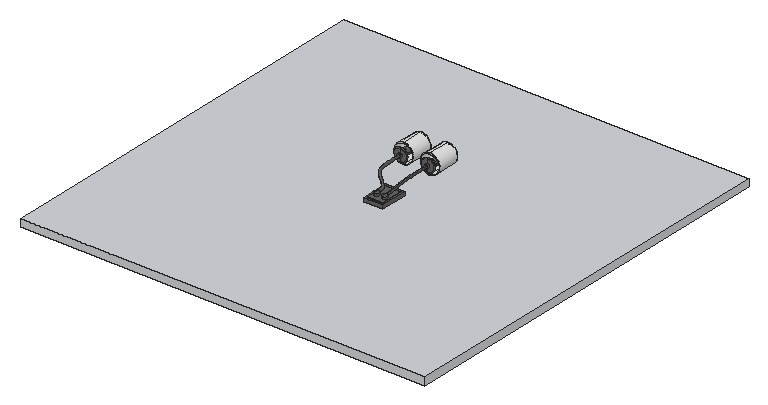
Revit family "P710019-031", category Lighting Fixtures, host Face, Revit 2014
Parameters (values of type "P710019-031")
  Wood = Wood Planks
  Watts = 40 W
  Wattage Comments = "40W"
  Warranty = "5 years Warranty"  # constant formula
  Voltage = 120 V
  URL = "https://www.hubbell.com/progresslighting/en"
  Product Link = "https://www.hubbell.com/progresslighting/en/Products/Lighting-Controls/Residential-Indoor-Lighting/Sconces-Wall-Brackets/Bonita-Collection-Black-Two-Light-Wall-Sconce/p/3980828"
  Product Documentation Link = "https://hubbellcdn.com/specsheet/PROG_P710019-031_spec.pdf"
  Power Factor = 1
  Model = "P710019-031"  # constant formula
  Manufacturer = "Progress Lighting"  # constant formula
  Load Classification = Lighting
  Gold = Hubbell - Gold
  Glass = Paint - Hubbell - White Texture
  Diameter = 4.50"
  Lamp = "LED or Incandescent"  # constant formula
  Housing Material = Paint - Hubbell - Textured Camera Black
  Fabric = Paint - Hubbell - White Texture
  Fixture distribution = "Direct"  # constant formula
  Features = "Inspired at its roots by an understated beauty and a breathtaking formal elegance, this wall sconce will make a stunning addition to any luxurious living space.\r\nA black arm flows down from an ornamental light base to a rectangular backplate.\r\nOn top of the light base sits a summer linen shade.\r\nIdeal for any bedroom, living room, sitting room, hallway, or foyer.\r\nPerfect for transitional, modern, farmhouse, contemporary, or luxury settings.\r\nMeasures 4-1/2-inch width by 17.13-inch height.\r\nUses one candelabra base bulb that is sold separately (40w max - LED or incandescent).\r\nAble to be fully dimmable with dimmable bulbs.\r\nIncludes installation instructions and mounting hardware.\r\nProgress Lighting products are designed for exceptional quality, reliability, and functionality."  # constant formula
  Height = 6.50"
  Description = "Inspired at its roots by an understated beauty and a breathtaking formal elegance, this wall sconce will make a stunning addition to any luxurious living\r\nspace. Black arms flow down from ornamental light bases to a rectangular\r\nbackplate. On top of the light bases sit summer linen shades."  # constant formula
  Default Elevation = 48.00"
  Copyright = " ©2020 Progress Lighting, a division of Hubbell Lighting, Inc"  # constant formula
  Contact = "https://www.hubbell.com/progresslighting/en/contactUs"
  Connector Description = "Lighting Connector"  # constant formula
  Assembly Code = "D5020200"
  Apparent Load = Watts / Power Factor  # 40 VA
Reference planes (in)
  plane 1 "Center (Front/Back)": y = 0
  plane 2: z = 0.5561
  plane 3 "Center (Left/Right)": x = 0
  plane 4: x = -2.25
  plane 5: x = 2.25
  plane 6: z = 7.0561
  plane 7: y = 3.25
  plane 8: y = -3.25
  plane 9: z = 14.5561
  plane 10: z = 6.4936
Forms (in)
  Extrusion 1, solid
    sketch origin (0, 0, 0) x (1, 0, 0) y (0, 1, 0)
      loop
        line (-48, 48) -> (-48, -48) -> (48, -48) -> (48, 48) -> (-48, 48)
    from 0.5561 to -1.25
  Extrusion 2, solid, material "Paint - Hubbell - Textured Camera Black" <- "Housing Material"
    sketch origin (0, 0, 0) x (1, 0, 0) y (0, 1, 0)
      loop
        line (-2.25, -3.25) -> (2.25, -3.25) -> (2.25, 3.25) -> (-2.25, 3.25) -> (-2.25, -3.25)
    from 0.5561 to 1.4046
  Extrusion 3, solid, material "Paint - Hubbell - Textured Camera Black" <- "Housing Material"
    sketch origin (0, 0, 0) x (1, 0, 0) y (0, 1, 0)
      loop
        line (-1.75, 2.75) -> (-1.75, -2.75) -> (1.75, -2.75) -> (1.75, 2.75) -> (-1.75, 2.75)
    from 1.4046 to 1.49371
  Sweep 4, solid, material "Paint - Hubbell - Textured Camera Black" <- "Housing Material"
    path origin (-0.22437, 0, 0.5396) x (0, 1, 0) y (0.62932, 0, 0.777146)
      loop
        spline (-0.65721, 1.92948) -> (0.61835, 1.94736) -> (1.19277, 2.40298) -> (1.49103, 3.28862) -> (1.66836, 4.06534) -> (1.89192, 4.58906) -> (2.33449, 4.96424) -> (3.02986, 5.22905) -> (3.93037, 5.38279) -> (4.9503, 5.44577) -> (5.96848, 5.459) -> (7.00421, 5.45176) -> (8.4166, 5.42327)
    profile origin (2.89973, 2.33449, 4.39754) x (0.550149, -0.485575, 0.679377) y (0.777146, 0, -0.62932)
      loop
        circle (0, 0) r 0.2
  Revolve 5, solid, material "Paint - Hubbell - Textured Camera Black" <- "Housing Material"
    sketch origin (3.34776, 3.5925, 4.79239) x (1, 0, 0) y (0, 1, 0)
      loop
        line (0, 6.43773) -> (0.75333, 6.43773) -> (0.75333, 7.43773) -> (0, 7.43773) -> (0, 6.43773)
      axis (0, 7.43773) -> (0, 6.43773)
    angle from 0 to 360
  Revolve 6, solid, material "Paint - Hubbell - White Texture"
    sketch origin (3.34776, 3.5925, 4.79239) x (1, 0, 0) y (0, 1, 0)
      loop
        line (0, 7.43773) -> (0.52673, 7.43773) -> (1.09627, 10.36772)
        spline (1.09627, 10.36772) -> (1.08305, 10.51086) -> (1.04864, 10.61496) -> (1.00091, 10.69145) -> (0.9472, 10.75115) -> (0.88934, 10.79851) -> (0.82586, 10.83419) -> (0.75527, 10.8588) -> (0.67446, 10.87324) -> (0.57224, 10.87977) -> (0.4349, 10.8811) -> (0.24873, 10.87991) -> (0, 10.87892)
        line (0, 10.87892) -> (0, 7.43773)
      axis (0, 10.87892) -> (0, 7.43773)
    angle from 0 to 360
  Revolve 7, solid, material "Paint - Hubbell - White Texture" <- "Glass"
    sketch origin (3.34776, 3.5925, 4.79239) x (1, 0, 0) y (0, 1, 0)
      loop
        line (0, 7.43773) -> (0, 10.56087) -> (0, 10.66244) -> (-0.11058, 10.66244)
        arc (-0.11058, 10.66244) -> (-0.13207, 10.62395) -> (-0.10174, 10.59197) r 0.0372
        arc (-0.10174, 10.59197) -> (-0.07712, 10.57767) -> (-0.0674, 10.55091) r 0.04171
        line (-0.0674, 10.55091) -> (-0.0674, 10.36451) -> (-0.0674, 8.11451) -> (-0.3174, 8.11451) -> (-0.3174, 7.86451) -> (-0.14062, 7.68773) -> (-0.14062, 7.43773) -> (0, 7.43773)
      axis (0, 7.43773) -> (0, 10.66244)
    angle from 0 to 360
  Revolve 8, solid, material "Hubbell - Gold" <- "Gold"
    sketch origin (3.47276, 3.5925, 4.79239) x (1, 0, 0) y (0, 1, 0)
      loop
        line (-0.47346, 8.28115) -> (-0.61841, 10.35395) -> (-0.66329, 10.35395) -> (-0.51834, 8.28115) -> (-0.47346, 8.28115)
      axis (-0.61862, 10.35707) -> (-0.47346, 8.28115)
    angle from 0 to 360
  Revolve 9, solid, material "Hubbell - Gold" <- "Gold"
    sketch origin (3.34776, 3.5925, 4.79239) x (-1, 0, 0) y (0, -1, 0)
      loop
        line (-0.47346, -8.28115) -> (-0.51834, -8.28115) -> (-0.66723, -10.41041) -> (-0.62235, -10.41041) -> (-0.47346, -8.28115)
      axis (-0.62257, -10.41353) -> (-0.47346, -8.28115)
    angle from 0 to 360
  Revolve 10, solid, material "Hubbell - Gold" <- "Gold"
    sketch origin (3.34776, 3.5925, 4.79239) x (0, 0, -1) y (0, 1, 0)
      loop
        line (-0.47346, 8.28115) -> (-0.62034, 10.38161) -> (-0.66522, 10.38161) -> (-0.51834, 8.28115) -> (-0.47346, 8.28115)
      axis (-0.62056, 10.38473) -> (-0.47346, 8.28115)
    angle from 0 to 360
  Revolve 11, solid, material "Hubbell - Gold" <- "Gold"
    sketch origin (3.34776, 3.5925, 4.79239) x (0, 0, 1) y (0, -1, 0)
      loop
        line (-0.47346, -8.28115) -> (-0.51834, -8.28115) -> (-0.66605, -10.39346) -> (-0.62117, -10.39346) -> (-0.47346, -8.28115)
      axis (-0.62139, -10.39659) -> (-0.47346, -8.28115)
    angle from 0 to 360
  Sweep 12, solid, material "Paint - Hubbell - White Texture" <- "Glass"
    path origin (3.36433, 3.0925, 4.79239) x (1, 0, 0) y (0, 1, 0)
      loop
        line (0.61067, 10.88516) -> (0.61067, 10.98257)
        arc (0.61067, 10.98257) -> (0.57513, 11.06837) -> (0.48933, 11.10391) r 0.12134
        line (0.48933, 11.10391) -> (0.04812, 11.10391)
    profile origin (3.975, 14.02637, 4.79239) x (-1, 0, 0) y (0, 0, 1)
      loop
        circle (0, 0.00095) r 0.031
  Sweep 13, solid, material "Paint - Hubbell - White Texture" <- "Glass"
    path origin (3.33119, 3.0925, 4.79239) x (-1, 0, 0) y (0, -1, 0)
      loop
        line (0.61067, -10.88516) -> (0.61067, -10.98257)
        arc (0.61067, -10.98257) -> (0.57513, -11.06837) -> (0.48933, -11.10391) r 0.12134
        line (0.48933, -11.10391) -> (0.04812, -11.10391)
    profile origin (2.72052, 14.02637, 4.79239) x (-1, 0, 0) y (0, 0, 1)
      loop
        circle (0, 0.00095) r 0.031
  Sweep 14, solid, material "Paint - Hubbell - White Texture" <- "Glass"
    path origin (3.34871, 3.0925, 4.80991) x (0, 0, 1) y (0, 1, 0)
      loop
        line (0.61067, 10.88516) -> (0.61067, 10.98257)
        arc (0.61067, 10.98257) -> (0.57513, 11.06837) -> (0.48933, 11.10391) r 0.12134
        line (0.48933, 11.10391) -> (0.04812, 11.10391)
    profile origin (3.34871, 14.02637, 5.42058) x (0, 0, -1) y (-1, 0, 0)
      loop
        circle (0, 0.00095) r 0.031
  Sweep 15, solid, material "Paint - Hubbell - White Texture" <- "Glass"
    path origin (3.34871, 3.0925, 4.77677) x (0, 0, -1) y (0, -1, 0)
      loop
        line (0.61067, -10.88516) -> (0.61067, -10.98257)
        arc (0.61067, -10.98257) -> (0.57513, -11.06837) -> (0.48933, -11.10391) r 0.12134
        line (0.48933, -11.10391) -> (0.04812, -11.10391)
    profile origin (3.34871, 14.02637, 4.16609) x (0, 0, -1) y (-1, 0, 0)
      loop
        circle (0, 0.00095) r 0.031
  Sweep 16, solid, material "Paint - Hubbell - White Texture" <- "Glass"
    path origin (3.36433, 22.82676, 4.79239) x (1, 0, 0) y (0, 1, 0)
      loop
        line (0.45442, -10.88516) -> (0.45442, -10.98257)
        arc (0.45442, -10.98257) -> (0.41888, -11.06837) -> (0.33308, -11.10391) r 0.12134
        line (0.33308, -11.10391) -> (0.04812, -11.10391)
    profile origin (3.81875, 11.89289, 4.79239) x (1, 0, 0) y (0, 0, 1)
      loop
        circle (0, 0.00095) r 0.031
  Sweep 17, solid, material "Paint - Hubbell - White Texture" <- "Glass"
    path origin (3.33119, 22.82676, 4.79239) x (-1, 0, 0) y (0, -1, 0)
      loop
        line (0.45442, 10.88516) -> (0.45442, 10.98257)
        arc (0.45442, 10.98257) -> (0.41888, 11.06837) -> (0.33308, 11.10391) r 0.12134
        line (0.33308, 11.10391) -> (0.04812, 11.10391)
    profile origin (2.87677, 11.89289, 4.79239) x (1, 0, 0) y (0, 0, 1)
      loop
        circle (0, 0.00095) r 0.031
  Sweep 18, solid, material "Paint - Hubbell - White Texture" <- "Glass"
    path origin (3.34871, 22.82676, 4.80991) x (0, 0, 1) y (0, 1, 0)
      loop
        line (0.45442, -10.88516) -> (0.45442, -10.98257)
        arc (0.45442, -10.98257) -> (0.41888, -11.06837) -> (0.33308, -11.10391) r 0.12134
        line (0.33308, -11.10391) -> (0.04812, -11.10391)
    profile origin (3.34871, 11.89289, 5.26433) x (0, 0, 1) y (-1, 0, 0)
      loop
        circle (0, 0.00095) r 0.031
  Sweep 19, solid, material "Paint - Hubbell - White Texture" <- "Glass"
    path origin (3.34871, 22.82676, 4.77677) x (0, 0, -1) y (0, -1, 0)
      loop
        line (0.45442, 10.88516) -> (0.45442, 10.98257)
        arc (0.45442, 10.98257) -> (0.41888, 11.06837) -> (0.33308, 11.10391) r 0.12134
        line (0.33308, 11.10391) -> (0.04812, 11.10391)
    profile origin (3.34871, 11.89289, 4.32234) x (0, 0, 1) y (-1, 0, 0)
      loop
        circle (0, 0.00095) r 0.031
  Revolve 20, solid, material "Paint - Hubbell - Textured Camera Black" <- "Housing Material"
    sketch origin (3.24896, -1.5, -1.1875) x (0, 1, 0) y (0, 0, 1)
      loop
        line (10.53023, 6.22989) -> (10.53023, 7.47989)
        arc (10.53023, 7.47989) -> (10.45604, 7.55408) -> (10.38185, 7.47989) r 0.07419
        arc (10.38185, 7.47989) -> (10.33246, 6.84723) -> (10.18549, 6.22989) r 4.07689
        line (10.18549, 6.22989) -> (10.15051, 6.22989) -> (10.15051, 6.41151) -> (9.9166, 6.41151) -> (9.9166, 5.97989) -> (11.53023, 5.97989) -> (11.53023, 6.22989) -> (10.53023, 6.22989)
      axis (9.9166, 5.97989) -> (11.53023, 5.97989)
    angle from 0 to 360
  Revolve 21, solid, material "Paint - Hubbell - White Texture" <- "Fabric"
    sketch origin (3.15625, -1.875, -1.15625) x (0, 1, 0) y (0, 0, 1)
      loop
        arc (11.53023, 8.22989) -> (11.51473, 8.21439) -> (11.53023, 8.19889) r 0.0155
        line (11.53023, 8.19889) -> (16.71773, 8.19889)
        arc (16.71773, 8.19889) -> (16.73323, 8.21439) -> (16.71773, 8.22989) r 0.0155
        line (16.71773, 8.22989) -> (11.53023, 8.22989)
      axis (11.53023, 5.97989) -> (16.71773, 5.97989)
    angle from 0 to 360
  Revolve 22, solid, material "Paint - Hubbell - Textured Camera Black" <- "Housing Material"
    sketch origin (0.95057, -1.0625, 0) x (0, 1, 0) y (0, 0, 1)
      loop
        line (0, 2.24371) -> (-0.33965, 2.24371)
        arc (-0.33965, 2.24371) -> (-0.45304, 2.19675) -> (-0.5, 2.08336) r 0.16035
        line (-0.5, 2.08336) -> (-0.5, 1.49371) -> (0, 1.49371) -> (0, 2.24371)
      axis (0, 2.24371) -> (0, 1.49371)
    angle from 0 to 360
  Sweep 23, solid, material "Paint - Hubbell - Textured Camera Black" <- "Housing Material"
    path origin (0.22437, 0, 0.5396) x (0, 1, 0) y (0.62932, 0, -0.777146)
      loop
        spline (-0.65721, -1.92948) -> (0.61835, -1.94736) -> (1.19277, -2.40298) -> (1.49103, -3.28862) -> (1.66836, -4.06534) -> (1.89192, -4.58906) -> (2.33449, -4.96424) -> (3.02986, -5.22905) -> (3.93037, -5.38279) -> (4.9503, -5.44577) -> (5.96848, -5.459) -> (7.00421, -5.45176) -> (8.4166, -5.42327)
    profile origin (-2.89973, 2.33449, 4.39754) x (0.550149, 0.485575, -0.679377) y (-0.777146, 0, -0.62932)
      loop
        circle (0, 0) r 0.2
  Revolve 24, solid, material "Paint - Hubbell - Textured Camera Black" <- "Housing Material"
    sketch origin (-3.34776, 3.5925, 4.79239) x (-1, 0, 0) y (0, -1, 0)
      loop
        line (0, -6.43773) -> (0, -7.43773) -> (0.75333, -7.43773) -> (0.75333, -6.43773) -> (0, -6.43773)
      axis (0, -7.43773) -> (0, -6.43773)
    angle from 0 to 360
  Revolve 25, solid, material "Paint - Hubbell - White Texture"
    sketch origin (-3.34776, 3.5925, 4.79239) x (-1, 0, 0) y (0, -1, 0)
      loop
        line (0, -7.43773) -> (0, -10.87892)
        spline (0, -10.87892) -> (0.24873, -10.87991) -> (0.4349, -10.8811) -> (0.57224, -10.87977) -> (0.67446, -10.87324) -> (0.75527, -10.8588) -> (0.82586, -10.83419) -> (0.88934, -10.79851) -> (0.9472, -10.75115) -> (1.00091, -10.69145) -> (1.04864, -10.61496) -> (1.08305, -10.51086) -> (1.09627, -10.36772)
        line (1.09627, -10.36772) -> (0.52673, -7.43773) -> (0, -7.43773)
      axis (0, -10.87892) -> (0, -7.43773)
    angle from 0 to 360
  Revolve 26, solid, material "Paint - Hubbell - White Texture" <- "Glass"
    sketch origin (-3.34776, 3.5925, 4.79239) x (-1, 0, 0) y (0, -1, 0)
      loop
        line (0, -7.43773) -> (-0.14062, -7.43773) -> (-0.14062, -7.68773) -> (-0.3174, -7.86451) -> (-0.3174, -8.11451) -> (-0.0674, -8.11451) -> (-0.0674, -10.36451) -> (-0.0674, -10.55091)
        arc (-0.0674, -10.55091) -> (-0.07712, -10.57767) -> (-0.10174, -10.59197) r 0.04171
        arc (-0.10174, -10.59197) -> (-0.13207, -10.62395) -> (-0.11058, -10.66244) r 0.0372
        line (-0.11058, -10.66244) -> (0, -10.66244) -> (0, -10.56087) -> (0, -7.43773)
      axis (0, -7.43773) -> (0, -10.66244)
    angle from 0 to 360
  Revolve 27, solid, material "Hubbell - Gold" <- "Gold"
    sketch origin (-3.47276, 3.5925, 4.79239) x (-1, 0, 0) y (0, -1, 0)
      loop
        line (-0.47346, -8.28115) -> (-0.51834, -8.28115) -> (-0.66329, -10.35395) -> (-0.61841, -10.35395) -> (-0.47346, -8.28115)
      axis (-0.61862, -10.35707) -> (-0.47346, -8.28115)
    angle from 0 to 360
  Revolve 28, solid, material "Hubbell - Gold" <- "Gold"
    sketch origin (-3.34776, 3.5925, 4.79239) x (1, 0, 0) y (0, 1, 0)
      loop
        line (-0.47346, 8.28115) -> (-0.62235, 10.41041) -> (-0.66723, 10.41041) -> (-0.51834, 8.28115) -> (-0.47346, 8.28115)
      axis (-0.62257, 10.41353) -> (-0.47346, 8.28115)
    angle from 0 to 360
  Revolve 29, solid, material "Hubbell - Gold" <- "Gold"
    sketch origin (-3.34776, 3.5925, 4.79239) x (0, 0, -1) y (0, -1, 0)
      loop
        line (-0.47346, -8.28115) -> (-0.51834, -8.28115) -> (-0.66522, -10.38161) -> (-0.62034, -10.38161) -> (-0.47346, -8.28115)
      axis (-0.62056, -10.38473) -> (-0.47346, -8.28115)
    angle from 0 to 360
  Revolve 30, solid, material "Hubbell - Gold" <- "Gold"
    sketch origin (-3.34776, 3.5925, 4.79239) x (0, 0, 1) y (0, 1, 0)
      loop
        line (-0.47346, 8.28115) -> (-0.62117, 10.39346) -> (-0.66605, 10.39346) -> (-0.51834, 8.28115) -> (-0.47346, 8.28115)
      axis (-0.62139, 10.39659) -> (-0.47346, 8.28115)
    angle from 0 to 360
  Sweep 31, solid, material "Paint - Hubbell - White Texture" <- "Glass"
    path origin (-3.36433, 3.0925, 4.79239) x (-1, 0, 0) y (0, -1, 0)
      loop
        line (0.61067, -10.88516) -> (0.61067, -10.98257)
        arc (0.61067, -10.98257) -> (0.57513, -11.06837) -> (0.48933, -11.10391) r 0.12134
        line (0.48933, -11.10391) -> (0.04812, -11.10391)
    profile origin (-3.975, 14.02637, 4.79239) x (-1, 0, 0) y (0, 0, 1)
      loop
        circle (0, 0.00095) r 0.031
  Sweep 32, solid, material "Paint - Hubbell - White Texture" <- "Glass"
    path origin (-3.33119, 3.0925, 4.79239) x (1, 0, 0) y (0, 1, 0)
      loop
        line (0.61067, 10.88516) -> (0.61067, 10.98257)
        arc (0.61067, 10.98257) -> (0.57513, 11.06837) -> (0.48933, 11.10391) r 0.12134
        line (0.48933, 11.10391) -> (0.04812, 11.10391)
    profile origin (-2.72052, 14.02637, 4.79239) x (-1, 0, 0) y (0, 0, 1)
      loop
        circle (0, 0.00095) r 0.031
  Sweep 33, solid, material "Paint - Hubbell - White Texture" <- "Glass"
    path origin (-3.34871, 3.0925, 4.80991) x (0, 0, 1) y (0, -1, 0)
      loop
        line (0.61067, -10.88516) -> (0.61067, -10.98257)
        arc (0.61067, -10.98257) -> (0.57513, -11.06837) -> (0.48933, -11.10391) r 0.12134
        line (0.48933, -11.10391) -> (0.04812, -11.10391)
    profile origin (-3.34871, 14.02637, 5.42058) x (0, 0, 1) y (1, 0, 0)
      loop
        circle (0, 0.00095) r 0.031
  Sweep 34, solid, material "Paint - Hubbell - White Texture" <- "Glass"
    path origin (-3.34871, 3.0925, 4.77677) x (0, 0, -1) y (0, 1, 0)
      loop
        line (0.61067, 10.88516) -> (0.61067, 10.98257)
        arc (0.61067, 10.98257) -> (0.57513, 11.06837) -> (0.48933, 11.10391) r 0.12134
        line (0.48933, 11.10391) -> (0.04812, 11.10391)
    profile origin (-3.34871, 14.02637, 4.16609) x (0, 0, 1) y (1, 0, 0)
      loop
        circle (0, 0.00095) r 0.031
  Sweep 35, solid, material "Paint - Hubbell - White Texture" <- "Glass"
    path origin (-3.36433, 22.82676, 4.79239) x (-1, 0, 0) y (0, -1, 0)
      loop
        line (0.45442, 10.88516) -> (0.45442, 10.98257)
        arc (0.45442, 10.98257) -> (0.41888, 11.06837) -> (0.33308, 11.10391) r 0.12134
        line (0.33308, 11.10391) -> (0.04812, 11.10391)
    profile origin (-3.81875, 11.89289, 4.79239) x (1, 0, 0) y (0, 0, 1)
      loop
        circle (0, 0.00095) r 0.031
  Sweep 36, solid, material "Paint - Hubbell - White Texture" <- "Glass"
    path origin (-3.33119, 22.82676, 4.79239) x (1, 0, 0) y (0, 1, 0)
      loop
        line (0.45442, -10.88516) -> (0.45442, -10.98257)
        arc (0.45442, -10.98257) -> (0.41888, -11.06837) -> (0.33308, -11.10391) r 0.12134
        line (0.33308, -11.10391) -> (0.04812, -11.10391)
    profile origin (-2.87677, 11.89289, 4.79239) x (1, 0, 0) y (0, 0, 1)
      loop
        circle (0, 0.00095) r 0.031
  Sweep 37, solid, material "Paint - Hubbell - White Texture" <- "Glass"
    path origin (-3.34871, 22.82676, 4.80991) x (0, 0, 1) y (0, -1, 0)
      loop
        line (0.45442, 10.88516) -> (0.45442, 10.98257)
        arc (0.45442, 10.98257) -> (0.41888, 11.06837) -> (0.33308, 11.10391) r 0.12134
        line (0.33308, 11.10391) -> (0.04812, 11.10391)
    profile origin (-3.34871, 11.89289, 5.26433) x (0, 0, -1) y (1, 0, 0)
      loop
        circle (0, 0.00095) r 0.031
  Sweep 38, solid, material "Paint - Hubbell - White Texture" <- "Glass"
    path origin (-3.34871, 22.82676, 4.77677) x (0, 0, -1) y (0, 1, 0)
      loop
        line (0.45442, -10.88516) -> (0.45442, -10.98257)
        arc (0.45442, -10.98257) -> (0.41888, -11.06837) -> (0.33308, -11.10391) r 0.12134
        line (0.33308, -11.10391) -> (0.04812, -11.10391)
    profile origin (-3.34871, 11.89289, 4.32234) x (0, 0, -1) y (1, 0, 0)
      loop
        circle (0, 0.00095) r 0.031
  Revolve 39, solid, material "Paint - Hubbell - Textured Camera Black" <- "Housing Material"
    sketch origin (-3.24896, -1.5, -1.1875) x (0, 1, 0) y (0, 0, -1)
      loop
        line (10.53023, -6.22989) -> (11.53023, -6.22989) -> (11.53023, -5.97989) -> (9.9166, -5.97989) -> (9.9166, -6.41151) -> (10.15051, -6.41151) -> (10.15051, -6.22989) -> (10.18549, -6.22989)
        arc (10.18549, -6.22989) -> (10.33246, -6.84723) -> (10.38185, -7.47989) r 4.07689
        arc (10.38185, -7.47989) -> (10.45604, -7.55408) -> (10.53023, -7.47989) r 0.07419
        line (10.53023, -7.47989) -> (10.53023, -6.22989)
      axis (9.9166, -5.97989) -> (11.53023, -5.97989)
    angle from 0 to 360
  Revolve 40, solid, material "Paint - Hubbell - White Texture" <- "Fabric"
    sketch origin (-3.15625, -1.875, -1.15625) x (0, 1, 0) y (0, 0, -1)
      loop
        line (11.53023, -8.22989) -> (16.71773, -8.22989)
        arc (16.71773, -8.22989) -> (16.73323, -8.21439) -> (16.71773, -8.19889) r 0.0155
        line (16.71773, -8.19889) -> (11.53023, -8.19889)
        arc (11.53023, -8.19889) -> (11.51473, -8.21439) -> (11.53023, -8.22989) r 0.0155
      axis (11.53023, -5.97989) -> (16.71773, -5.97989)
    angle from 0 to 360
  Revolve 41, solid, material "Paint - Hubbell - Textured Camera Black" <- "Housing Material"
    sketch origin (-0.95057, -1.0625, 0) x (0, 1, 0) y (0, 0, -1)
      loop
        line (0, -2.24371) -> (0, -1.49371) -> (-0.5, -1.49371) -> (-0.5, -2.08336)
        arc (-0.5, -2.08336) -> (-0.45304, -2.19675) -> (-0.33965, -2.24371) r 0.16035
        line (-0.33965, -2.24371) -> (0, -2.24371)
      axis (0, -2.24371) -> (0, -1.49371)
    angle from 0 to 360
Dimensions and locks (in)
  "Diameter": plane 4 to plane 5
  "Height": plane 6 to plane 2
  equal spacing: plane 4, plane 3 "Center (Left/Right)", plane 5
  plane 6 to Extrusion 1 = 6.50"
  plane 9 to plane 10 = 8.0625"
  equal spacing: plane 8, plane 1 "Center (Front/Back)", plane 7  (x2)
  "Height": plane 8 to plane 7
  aligned and locked: plane 2 to Extrusion 1
Automatic sketch dimensions
  Extrusion 1 sketch curve to Extrusion 1 sketch curve = 96.00"  (x2)
  Extrusion 2 sketch curve to plane 4 = 0.00"
  Extrusion 2 sketch curve to plane 5 = 0.00"
  plane 8 to Extrusion 2 sketch curve = 0.00"
  plane 7 to Extrusion 2 sketch curve = 0.00"
  plane 4 to Extrusion 3 sketch curve = 0.50"
  Extrusion 3 sketch curve to plane 5 = 0.50"
  Extrusion 3 sketch curve to plane 8 = 0.50"
  plane 7 to Extrusion 3 sketch curve = 0.50"
  plane 1 "Center (Front/Back)" to Sweep 4 sketch curve = 0.65721"
  Sweep 4 sketch curve to plane 7 = 5.1666"
  Sweep 4 sketch curve to Sweep 4 sketch curve = 3.49379"
  Sweep 4 sketch curve to profile plane = 0.00"  (x2)
  plane 5 to Revolve 5 sketch curve = 1.09776"  (x2)
  Revolve 5 sketch curve to Revolve 5 sketch curve = 0.75333"
  Revolve 5 sketch curve to plane 7 = 6.78023"
  Revolve 5 sketch curve to Revolve 5 sketch curve = 1.00"
  plane 8 to Revolve 5 sketch curve = 17.1575"
  Revolve 5 sketch curve to Revolve 5 sketch curve = 20.20644"
  plane 5 to Revolve 6 sketch curve = 1.09776"  (x2)
  Revolve 6 sketch curve to Revolve 6 sketch curve = 0.52673"
  Revolve 6 sketch curve to Revolve 6 sketch curve = 1.09627"
  Revolve 6 sketch curve to plane 7 = 7.78023"
  Revolve 6 sketch curve to Revolve 6 sketch curve = 2.92999"
  Revolve 6 sketch curve to Revolve 6 sketch curve = 0.5112"
  plane 8 to Revolve 6 sketch curve = 17.1575"
  Revolve 6 sketch curve to Revolve 6 sketch curve = 16.76525"
  plane 5 to Revolve 7 sketch curve = 0.78036"
  Revolve 7 sketch curve to Revolve 7 sketch curve = 0.17678"  (x2)
  plane 5 to Revolve 7 sketch curve = 0.98718"
  Revolve 7 sketch curve to Revolve 7 sketch curve = 0.00146"
  Revolve 7 sketch curve to Revolve 7 sketch curve = 0.01542"
  Revolve 7 sketch curve to Revolve 7 sketch curve = 0.25"  (x3)
  Revolve 7 sketch curve to Revolve 7 sketch curve = 0.09516"
  Revolve 7 sketch curve to plane 7 = 7.78023"
  Revolve 7 sketch curve to Revolve 7 sketch curve = 2.25"
  Revolve 7 sketch curve to Revolve 7 sketch curve = 0.1864"
  Revolve 7 sketch curve to Revolve 7 sketch curve = 0.00996"
  Revolve 7 sketch curve to Revolve 7 sketch curve = 0.07767"
  Revolve 7 sketch curve to Revolve 7 sketch curve = 0.03385"
  plane 5 to Revolve 7 sketch curve = 1.09776"
  Revolve 7 sketch curve to Revolve 7 sketch curve = 0.00"
  Revolve 7 sketch curve to Revolve 7 sketch curve = 5.5253"
  plane 5 to Revolve 8 sketch curve = 0.55947"
  Revolve 8 sketch curve to Revolve 8 sketch curve = 0.04488"  (x2)
  plane 5 to Revolve 8 sketch curve = 0.70442"
  Revolve 8 sketch curve to plane 7 = 8.62365"
  Revolve 8 sketch curve to Revolve 8 sketch curve = 2.0728"
  Revolve 8 sketch curve to Revolve 8 sketch curve = 0.00817"
  Revolve 8 sketch curve to Revolve 8 sketch curve = 0.00483"
  Revolve 8 sketch curve to Revolve 8 sketch curve = 0.06901"
  Revolve 8 sketch curve to Revolve 8 sketch curve = 0.52497"
  plane 5 to Revolve 9 sketch curve = 1.76499"
  Revolve 9 sketch curve to Revolve 9 sketch curve = 0.04488"  (x2)
  plane 5 to Revolve 9 sketch curve = 1.6161"
  Revolve 9 sketch curve to plane 7 = 10.75291"
  Revolve 9 sketch curve to Revolve 9 sketch curve = 2.12926"
  Revolve 9 sketch curve to Revolve 9 sketch curve = 0.01212"
  Revolve 9 sketch curve to Revolve 9 sketch curve = 0.00483"
  Revolve 9 sketch curve to Revolve 9 sketch curve = 0.46851"
  Revolve 9 sketch curve to Revolve 9 sketch curve = 0.06901"
  Revolve 10 sketch curve to plane 10 = 1.03599"
  Revolve 10 sketch curve to Revolve 10 sketch curve = 0.04488"  (x2)
  Revolve 10 sketch curve to plane 10 = 1.18287"
  Revolve 10 sketch curve to plane 7 = 8.62365"
  Revolve 10 sketch curve to Revolve 10 sketch curve = 2.10046"
  Revolve 10 sketch curve to Revolve 10 sketch curve = 0.01011"
  Revolve 10 sketch curve to Revolve 10 sketch curve = 0.00483"
  Revolve 10 sketch curve to Revolve 10 sketch curve = 0.06901"
  Revolve 10 sketch curve to Revolve 10 sketch curve = 0.49731"
  Revolve 11 sketch curve to plane 10 = 2.36726"
  Revolve 11 sketch curve to Revolve 11 sketch curve = 0.04488"  (x2)
  Revolve 11 sketch curve to Revolve 11 sketch curve = 0.10283"
  Revolve 11 sketch curve to plane 7 = 10.73597"
  Revolve 11 sketch curve to Revolve 11 sketch curve = 2.11231"
  Revolve 11 sketch curve to Revolve 11 sketch curve = 0.01094"
  Revolve 11 sketch curve to Revolve 11 sketch curve = 0.00483"
  Revolve 11 sketch curve to Revolve 11 sketch curve = 0.48545"
  Revolve 11 sketch curve to Revolve 11 sketch curve = 0.06901"
  plane 5 to Sweep 12 sketch curve = 1.60366"
  Sweep 12 sketch curve to Sweep 12 sketch curve = 0.12134"
  Sweep 12 sketch curve to plane 7 = 10.82507"
  Sweep 12 sketch curve to Sweep 12 sketch curve = 0.4412"
  Sweep 12 sketch curve to Sweep 12 sketch curve = 0.09741"
  Sweep 12 sketch curve to profile plane = 0.00"
  profile plane to Sweep 12 sketch curve = 0.00095"
  plane 5 to Sweep 13 sketch curve = 0.59186"
  Sweep 13 sketch curve to Sweep 13 sketch curve = 0.12134"
  Sweep 13 sketch curve to plane 7 = 10.94642"
  Sweep 13 sketch curve to Sweep 13 sketch curve = 0.4412"
  Sweep 13 sketch curve to Sweep 13 sketch curve = 0.09741"
  Sweep 13 sketch curve to profile plane = 0.00"
  profile plane to Sweep 13 sketch curve = 0.00095"
  Sweep 14 sketch curve to plane 10 = 1.19437"
  Sweep 14 sketch curve to Sweep 14 sketch curve = 0.12134"
  Sweep 14 sketch curve to plane 7 = 10.82507"
  Sweep 14 sketch curve to Sweep 14 sketch curve = 0.4412"
  Sweep 14 sketch curve to Sweep 14 sketch curve = 0.09741"
  Sweep 14 sketch curve to profile plane = 0.00"
  profile plane to Sweep 14 sketch curve = 0.00095"
  Sweep 15 sketch curve to plane 10 = 2.20616"
  Sweep 15 sketch curve to Sweep 15 sketch curve = 0.12134"
  Sweep 15 sketch curve to plane 7 = 10.94642"
  Sweep 15 sketch curve to Sweep 15 sketch curve = 0.4412"
  Sweep 15 sketch curve to Sweep 15 sketch curve = 0.09741"
  Sweep 15 sketch curve to profile plane = 0.00"
  profile plane to Sweep 15 sketch curve = 0.00095"
  plane 5 to Sweep 16 sketch curve = 1.44741"
  Sweep 16 sketch curve to Sweep 16 sketch curve = 0.12134"
  Sweep 16 sketch curve to plane 7 = 8.47284"
  Sweep 16 sketch curve to Sweep 16 sketch curve = 0.28495"
  Sweep 16 sketch curve to Sweep 16 sketch curve = 0.09741"
  profile plane to Sweep 16 sketch curve = 0.00"
  profile plane to Sweep 16 sketch curve = 0.00095"
  plane 5 to Sweep 17 sketch curve = 0.74811"
  Sweep 17 sketch curve to Sweep 17 sketch curve = 0.12134"
  Sweep 17 sketch curve to plane 7 = 8.59419"
  Sweep 17 sketch curve to Sweep 17 sketch curve = 0.28495"
  Sweep 17 sketch curve to Sweep 17 sketch curve = 0.09741"
  profile plane to Sweep 17 sketch curve = 0.00"
  profile plane to Sweep 17 sketch curve = 0.00095"
  Sweep 18 sketch curve to plane 10 = 1.35062"
  Sweep 18 sketch curve to Sweep 18 sketch curve = 0.12134"
  Sweep 18 sketch curve to plane 7 = 8.47284"
  Sweep 18 sketch curve to Sweep 18 sketch curve = 0.28495"
  Sweep 18 sketch curve to Sweep 18 sketch curve = 0.09741"
  Sweep 18 sketch curve to profile plane = 0.00"
  profile plane to Sweep 18 sketch curve = 0.00095"
  Sweep 19 sketch curve to plane 10 = 2.04991"
  Sweep 19 sketch curve to Sweep 19 sketch curve = 0.12134"
  Sweep 19 sketch curve to plane 7 = 8.59419"
  Sweep 19 sketch curve to Sweep 19 sketch curve = 0.28495"
  Sweep 19 sketch curve to Sweep 19 sketch curve = 0.09741"
  Sweep 19 sketch curve to profile plane = 0.00"
  profile plane to Sweep 19 sketch curve = 0.00095"
  Revolve 20 sketch curve to plane 10 = 0.20121"
  Revolve 20 sketch curve to plane 7 = 1.55496"
  Revolve 20 sketch curve to plane 10 = 1.70121"  (x2)
  Revolve 20 sketch curve to Revolve 20 sketch curve = 3.61164"
  Revolve 20 sketch curve to Revolve 20 sketch curve = 0.23391"
  Revolve 20 sketch curve to Revolve 20 sketch curve = 0.03498"
  Revolve 20 sketch curve to Revolve 20 sketch curve = 0.30553"
  Revolve 20 sketch curve to Revolve 20 sketch curve = 0.34474"
  Revolve 20 sketch curve to Revolve 20 sketch curve = 1.00"
  Revolve 20 sketch curve to Revolve 20 sketch curve = 0.25"  (x2)
  Revolve 20 sketch curve to Revolve 20 sketch curve = 0.18162"
  Revolve 20 sketch curve to Revolve 20 sketch curve = 0.38637"
  Revolve 20 sketch curve to Revolve 20 sketch curve = 2.25"
  Revolve 21 sketch curve to plane 6 = 0.01346"
  Revolve 21 sketch curve to plane 7 = 6.40523"
  Revolve 21 sketch curve to Revolve 21 sketch curve = 5.1875"
  plane 6 to Revolve 21 sketch curve = 0.00204"
  Revolve 21 sketch curve to Revolve 21 sketch curve = 0.00"
  Revolve 21 sketch curve to Revolve 21 sketch curve = 1.1875"
  Revolve 21 sketch curve to plane 10 = 1.66996"
  plane 1 "Center (Front/Back)" to Revolve 22 sketch curve = 1.5625"
  Revolve 22 sketch curve to Revolve 22 sketch curve = 0.16035"
  Revolve 22 sketch curve to Revolve 22 sketch curve = 0.33965"
  plane 2 to Revolve 22 sketch curve = 0.93761"
  Revolve 22 sketch curve to Revolve 22 sketch curve = 0.58965"
  plane 1 "Center (Front/Back)" to Revolve 22 sketch curve = 1.0625"
  Revolve 22 sketch curve to level = 24.00"
  plane 9 to Revolve 22 sketch curve = 24.98837"
  plane 1 "Center (Front/Back)" to Sweep 23 sketch curve = 0.65721"
  Sweep 23 sketch curve to plane 7 = 5.1666"
  Sweep 23 sketch curve to Sweep 23 sketch curve = 3.49379"
  profile plane to Sweep 23 sketch curve = 0.00"
  Sweep 23 sketch curve to profile plane = 0.00"
  Revolve 24 sketch curve to plane 4 = 1.09776"  (x2)
  Revolve 24 sketch curve to Revolve 24 sketch curve = 0.75333"
  Revolve 24 sketch curve to plane 7 = 7.78023"
  Revolve 24 sketch curve to Revolve 24 sketch curve = 1.00"
  Revolve 24 sketch curve to Revolve 24 sketch curve = 20.20644"
  plane 8 to Revolve 24 sketch curve = 17.1575"
  Revolve 25 sketch curve to plane 4 = 1.09776"  (x2)
  Revolve 25 sketch curve to Revolve 25 sketch curve = 0.52673"
  Revolve 25 sketch curve to Revolve 25 sketch curve = 1.09627"
  Revolve 25 sketch curve to plane 7 = 11.22142"
  Revolve 25 sketch curve to Revolve 25 sketch curve = 0.5112"
  Revolve 25 sketch curve to Revolve 25 sketch curve = 2.92999"
  Revolve 25 sketch curve to Revolve 25 sketch curve = 16.76525"
  plane 8 to Revolve 25 sketch curve = 17.1575"
  Revolve 26 sketch curve to plane 4 = 0.78036"
  Revolve 26 sketch curve to Revolve 26 sketch curve = 0.17678"  (x2)
  Revolve 26 sketch curve to plane 4 = 0.98718"
  Revolve 26 sketch curve to Revolve 26 sketch curve = 0.00146"
  Revolve 26 sketch curve to Revolve 26 sketch curve = 0.01542"
  Revolve 26 sketch curve to Revolve 26 sketch curve = 0.25"  (x3)
  Revolve 26 sketch curve to Revolve 26 sketch curve = 0.09516"
  Revolve 26 sketch curve to plane 7 = 11.00494"
  Revolve 26 sketch curve to Revolve 26 sketch curve = 0.03385"
  Revolve 26 sketch curve to Revolve 26 sketch curve = 0.10157"
  Revolve 26 sketch curve to Revolve 26 sketch curve = 0.00996"
  Revolve 26 sketch curve to Revolve 26 sketch curve = 0.1864"
  Revolve 26 sketch curve to Revolve 26 sketch curve = 2.25"
  Revolve 26 sketch curve to plane 4 = 1.09776"
  Revolve 26 sketch curve to Revolve 26 sketch curve = 5.5253"
  Revolve 26 sketch curve to Revolve 26 sketch curve = 0.00"
  Revolve 27 sketch curve to plane 4 = 0.55947"
  Revolve 27 sketch curve to Revolve 27 sketch curve = 0.04488"  (x2)
  Revolve 27 sketch curve to plane 4 = 0.70442"
  Revolve 27 sketch curve to plane 7 = 10.69645"
  Revolve 27 sketch curve to Revolve 27 sketch curve = 2.0728"
  Revolve 27 sketch curve to Revolve 27 sketch curve = 0.00817"
  Revolve 27 sketch curve to Revolve 27 sketch curve = 0.00483"
  Revolve 27 sketch curve to Revolve 27 sketch curve = 0.52497"
  Revolve 27 sketch curve to Revolve 27 sketch curve = 0.06901"
  Revolve 28 sketch curve to plane 4 = 1.76499"
  Revolve 28 sketch curve to Revolve 28 sketch curve = 0.04488"  (x2)
  Revolve 28 sketch curve to plane 4 = 1.6161"
  Revolve 28 sketch curve to plane 7 = 8.62365"
  Revolve 28 sketch curve to Revolve 28 sketch curve = 2.12926"
  Revolve 28 sketch curve to Revolve 28 sketch curve = 0.01212"
  Revolve 28 sketch curve to Revolve 28 sketch curve = 0.00483"
  Revolve 28 sketch curve to Revolve 28 sketch curve = 0.06901"
  Revolve 28 sketch curve to Revolve 28 sketch curve = 0.46851"
  Revolve 29 sketch curve to plane 10 = 1.03599"
  Revolve 29 sketch curve to Revolve 29 sketch curve = 0.04488"  (x2)
  Revolve 29 sketch curve to plane 10 = 1.18287"
  Revolve 29 sketch curve to plane 7 = 10.72411"
  Revolve 29 sketch curve to Revolve 29 sketch curve = 2.10046"
  Revolve 29 sketch curve to Revolve 29 sketch curve = 0.01011"
  Revolve 29 sketch curve to Revolve 29 sketch curve = 0.00483"
  Revolve 29 sketch curve to Revolve 29 sketch curve = 0.49731"
  Revolve 29 sketch curve to Revolve 29 sketch curve = 0.06901"
  Revolve 30 sketch curve to plane 10 = 2.36726"
  Revolve 30 sketch curve to Revolve 30 sketch curve = 0.04488"  (x2)
  Revolve 30 sketch curve to Revolve 30 sketch curve = 0.10283"
  Revolve 30 sketch curve to plane 7 = 8.62365"
  Revolve 30 sketch curve to Revolve 30 sketch curve = 2.11231"
  Revolve 30 sketch curve to Revolve 30 sketch curve = 0.01094"
  Revolve 30 sketch curve to Revolve 30 sketch curve = 0.00483"
  Revolve 30 sketch curve to Revolve 30 sketch curve = 0.06901"
  Revolve 30 sketch curve to Revolve 30 sketch curve = 0.48545"
  Sweep 31 sketch curve to plane 4 = 1.60366"
  Sweep 31 sketch curve to Sweep 31 sketch curve = 0.12134"
  Sweep 31 sketch curve to plane 7 = 10.94642"
  Sweep 31 sketch curve to Sweep 31 sketch curve = 0.4412"
  Sweep 31 sketch curve to Sweep 31 sketch curve = 0.09741"
  Sweep 31 sketch curve to profile plane = 0.00"
  profile plane to Sweep 31 sketch curve = 0.00095"
  Sweep 32 sketch curve to plane 4 = 0.59186"
  Sweep 32 sketch curve to Sweep 32 sketch curve = 0.12134"
  Sweep 32 sketch curve to plane 7 = 10.82507"
  Sweep 32 sketch curve to Sweep 32 sketch curve = 0.4412"
  Sweep 32 sketch curve to Sweep 32 sketch curve = 0.09741"
  Sweep 32 sketch curve to profile plane = 0.00"
  profile plane to Sweep 32 sketch curve = 0.00095"
  Sweep 33 sketch curve to plane 10 = 1.19437"
  Sweep 33 sketch curve to Sweep 33 sketch curve = 0.12134"
  Sweep 33 sketch curve to plane 7 = 10.94642"
  Sweep 33 sketch curve to Sweep 33 sketch curve = 0.4412"
  Sweep 33 sketch curve to Sweep 33 sketch curve = 0.09741"
  Sweep 33 sketch curve to profile plane = 0.00"
  profile plane to Sweep 33 sketch curve = 0.00095"
  Sweep 34 sketch curve to plane 10 = 2.20616"
  Sweep 34 sketch curve to Sweep 34 sketch curve = 0.12134"
  Sweep 34 sketch curve to plane 7 = 10.82507"
  Sweep 34 sketch curve to Sweep 34 sketch curve = 0.4412"
  Sweep 34 sketch curve to Sweep 34 sketch curve = 0.09741"
  Sweep 34 sketch curve to profile plane = 0.00"
  profile plane to Sweep 34 sketch curve = 0.00095"
  Sweep 35 sketch curve to plane 4 = 1.44741"
  Sweep 35 sketch curve to Sweep 35 sketch curve = 0.12134"
  Sweep 35 sketch curve to plane 7 = 8.59419"
  Sweep 35 sketch curve to Sweep 35 sketch curve = 0.28495"
  Sweep 35 sketch curve to Sweep 35 sketch curve = 0.09741"
  profile plane to Sweep 35 sketch curve = 0.00"
  profile plane to Sweep 35 sketch curve = 0.00095"
  Sweep 36 sketch curve to plane 4 = 0.74811"
  Sweep 36 sketch curve to Sweep 36 sketch curve = 0.12134"
  Sweep 36 sketch curve to plane 7 = 8.47284"
  Sweep 36 sketch curve to Sweep 36 sketch curve = 0.28495"
  Sweep 36 sketch curve to Sweep 36 sketch curve = 0.09741"
  profile plane to Sweep 36 sketch curve = 0.00"
  profile plane to Sweep 36 sketch curve = 0.00095"
  Sweep 37 sketch curve to plane 10 = 1.35062"
  Sweep 37 sketch curve to Sweep 37 sketch curve = 0.12134"
  Sweep 37 sketch curve to plane 7 = 8.59419"
  Sweep 37 sketch curve to Sweep 37 sketch curve = 0.28495"
  Sweep 37 sketch curve to Sweep 37 sketch curve = 0.09741"
  Sweep 37 sketch curve to profile plane = 0.00"
  profile plane to Sweep 37 sketch curve = 0.00095"
  Sweep 38 sketch curve to plane 10 = 2.04991"
  Sweep 38 sketch curve to Sweep 38 sketch curve = 0.12134"
  Sweep 38 sketch curve to plane 7 = 8.47284"
  Sweep 38 sketch curve to Sweep 38 sketch curve = 0.28495"
  Sweep 38 sketch curve to Sweep 38 sketch curve = 0.09741"
  Sweep 38 sketch curve to profile plane = 0.00"
  profile plane to Sweep 38 sketch curve = 0.00095"
  Revolve 39 sketch curve to plane 10 = 0.20121"
  Revolve 39 sketch curve to plane 7 = 1.55496"
  Revolve 39 sketch curve to plane 10 = 1.70121"
  Revolve 39 sketch curve to Revolve 39 sketch curve = 3.61164"
  Revolve 39 sketch curve to Revolve 39 sketch curve = 0.23391"
  Revolve 39 sketch curve to Revolve 39 sketch curve = 0.03498"
  Revolve 39 sketch curve to Revolve 39 sketch curve = 0.30553"
  Revolve 39 sketch curve to Revolve 39 sketch curve = 0.34474"
  Revolve 39 sketch curve to Revolve 39 sketch curve = 1.00"
  Revolve 39 sketch curve to Revolve 39 sketch curve = 0.43162"
  Revolve 39 sketch curve to Revolve 39 sketch curve = 0.25"
  Revolve 39 sketch curve to Revolve 39 sketch curve = 0.18162"
  Revolve 39 sketch curve to Revolve 39 sketch curve = 0.38637"
  Revolve 39 sketch curve to Revolve 39 sketch curve = 2.25"
  Revolve 39 sketch curve to Revolve 39 sketch curve = 0.00"
  Revolve 40 sketch curve to plane 6 = 0.01346"
  Revolve 40 sketch curve to plane 7 = 6.40523"
  Revolve 40 sketch curve to Revolve 40 sketch curve = 5.1875"
  plane 6 to Revolve 40 sketch curve = 0.00204"
  Revolve 40 sketch curve to Revolve 40 sketch curve = 0.00"
  Revolve 40 sketch curve to Revolve 40 sketch curve = 1.1875"
  Revolve 40 sketch curve to plane 10 = 1.66996"
  plane 1 "Center (Front/Back)" to Revolve 41 sketch curve = 1.5625"
  Revolve 41 sketch curve to Revolve 41 sketch curve = 0.16035"
  Revolve 41 sketch curve to Revolve 41 sketch curve = 0.33965"
  plane 2 to Revolve 41 sketch curve = 1.68761"
  Revolve 41 sketch curve to Revolve 41 sketch curve = 0.58965"
  plane 1 "Center (Front/Back)" to Revolve 41 sketch curve = 1.0625"
  plane 9 to Revolve 41 sketch curve = 24.98837"
  Revolve 41 sketch curve to level = 24.00"
  radius of Sweep 4 sketch curve = 0.20"
  radius of Sweep 12 sketch curve = 0.031"
  radius of Sweep 13 sketch curve = 0.031"
  radius of Sweep 14 sketch curve = 0.031"
  radius of Sweep 15 sketch curve = 0.031"
  radius of Sweep 16 sketch curve = 0.031"
  radius of Sweep 17 sketch curve = 0.031"
  radius of Sweep 18 sketch curve = 0.031"
  radius of Sweep 19 sketch curve = 0.031"
  radius of Sweep 23 sketch curve = 0.20"
  radius of Sweep 31 sketch curve = 0.031"
  radius of Sweep 32 sketch curve = 0.031"
  radius of Sweep 33 sketch curve = 0.031"
  radius of Sweep 34 sketch curve = 0.031"
  radius of Sweep 35 sketch curve = 0.031"
  radius of Sweep 36 sketch curve = 0.031"
  radius of Sweep 37 sketch curve = 0.031"
  radius of Sweep 38 sketch curve = 0.031"
Nested families (in)
  nested 1: "Light Source" at (-3.68793, 14.75, 5), type "Light Source"
  nested 2: "Light Source" at (3.81207, 14.75, 5), type "Light Source"
Connectors (in)
  electrical at (0, 0, 0.5561), driven by "Load Classification", driven by "Voltage", driven by "Apparent Load", driven by "Power Factor", driven by "Connector Description"
    settings: on Extrusion 2, index 1, voltage 120 V, apparent load 40 VA, apparent load phase1 0 VA, apparent load phase2 0 VA, apparent load phase3 0 VA, power factor 1, load classification "Lighting", number of poles 1, system type 30, power factor state 1, is connector primary yes, connector utility no, sub classification motor no, connector description "Lighting Connector"
Definition of nested family "Light Source"
  Parameters (values of type "Light Source")
    Wattage = 60 W
    built-in parameter 1150110 = 1 (stored number, unit not read)
    built-in parameter 1114217 = 1 (stored number, unit not read)
    Tilt Angle = 60.00°
    built-in parameter 1150109 = 1 (stored number, unit not read)
    built-in parameter 1150134 = 3
    built-in parameter 1150113 = 1 (stored number, unit not read)
    Photometric Web File = "generic"
    built-in parameter 1150142 = (empty or 0)
    built-in parameter 1150105 = 477.46 (stored number, unit not read)
    Lumens = 6000 lm
    built-in parameter 1150115 = 1 (stored number, unit not read)
    built-in parameter 1150137 = (empty or 0)
    built-in parameter 1150139 = (empty or 0)
    built-in parameter 1150112 = 1 (stored number, unit not read)
    built-in parameter 1150114 = 1 (stored number, unit not read)
    built-in parameter 1150132 = (empty or 0)
    built-in parameter 1150102 = (empty or 0)
    built-in parameter 1150107 = 3200 (stored number, unit not read)
    built-in parameter 1150138 = (empty or 0)
    built-in parameter 1150106 = 4.7746 (stored number, unit not read)
    built-in parameter 1150104 = 9.2903 (stored number, unit not read)
    Dimming Lamp Color Temperature Shift = (empty or 0)
    Color Filter = 16777215
    built-in parameter 1114218 = 1 (stored number, unit not read)
    built-in parameter 1150133 = 10 (stored number, unit not read)
  Reference planes (in)
    plane 1 "Center (Front/Back)": y = 0
    plane 2: z = 0
    plane 3 "Center (Left/Right)": x = 0
  Dimensions and locks (in)
    aligned and locked: level to plane 2
